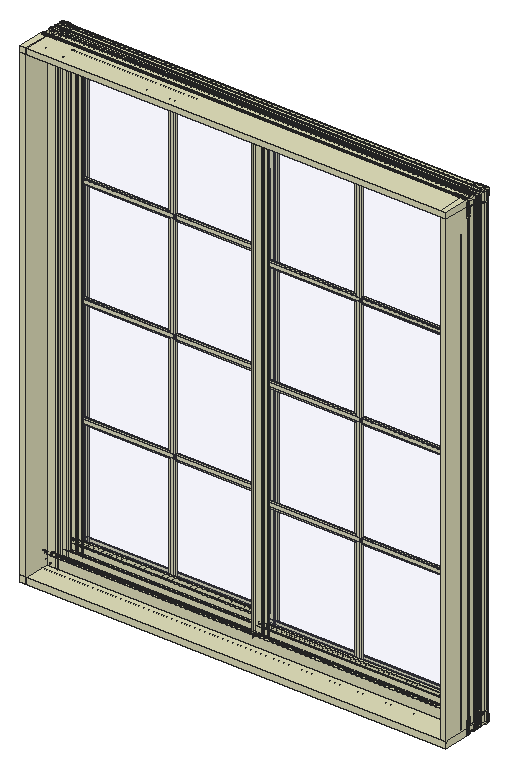
Revit family (continued)
Automatic sketch dimensions
  Sweep 19 sketch curve to Sweep 19 sketch curve = 0' - 0.00655"
  Sweep 19 sketch curve to Sweep 19 sketch curve = 0' - 0.02042"
  Sweep 19 sketch curve to Sweep 19 sketch curve = 0' - 0.04589"
  Sweep 19 sketch curve to Sweep 19 sketch curve = 0' - 0.04786"
  Sweep 19 sketch curve to Sweep 19 sketch curve = 0' - 0.02764"
  Sweep 19 sketch curve to Sweep 19 sketch curve = 0' - 0.10992"
  Sweep 19 sketch curve to Sweep 19 sketch curve = 0' - 0.03"  (x3)
  Sweep 19 sketch curve to Sweep 19 sketch curve = 0' - 0.04601"
  Sweep 19 sketch curve to Sweep 19 sketch curve = 0' - 0.03005"
  Sweep 19 sketch curve to Sweep 19 sketch curve = 0' - 0.07"
  Sweep 19 sketch curve to Sweep 19 sketch curve = 0' - 0.061"
  plane 10 "Set Back" to Sweep 19 sketch curve = 0' - 1.37997"
  Sweep 19 sketch curve to Sweep 19 sketch curve = 0' - 0.00274"
  Sweep 19 sketch curve to Sweep 19 sketch curve = 0' - 0.01145"
  Sweep 19 sketch curve to Sweep 19 sketch curve = 0' - 0.01213"
  Sweep 19 sketch curve to Sweep 19 sketch curve = 0' - 0.147"
  Sweep 19 sketch curve to Sweep 19 sketch curve = 0' - 0.055"
  Sweep 19 sketch curve to Sweep 19 sketch curve = 0' - 0.01073"
  Sweep 19 sketch curve to Sweep 19 sketch curve = 0' - 0.00499"
  Sweep 19 sketch curve to Sweep 19 sketch curve = 0' - 0.03237"
  Sweep 19 sketch curve to Sweep 19 sketch curve = 0' - 0.00572"
  Sweep 19 sketch curve to Sweep 19 sketch curve = 0' - 0.12531"
  Sweep 19 sketch curve to Sweep 19 sketch curve = 0' - 0.01865"
  Sweep 19 sketch curve to Sweep 19 sketch curve = 0' - 0.47861"
  Sweep 19 sketch curve to Sweep 19 sketch curve = 0' - 0.01114"
  Sweep 19 sketch curve to Sweep 19 sketch curve = 0' - 0.0415"
  Sweep 19 sketch curve to Sweep 19 sketch curve = 0' - 0.00954"
  Sweep 19 sketch curve to Sweep 19 sketch curve = 0' - 0.07507"
  Sweep 19 sketch curve to Sweep 19 sketch curve = 0' - 0.0167"
  Sweep 19 sketch curve to Sweep 19 sketch curve = 0' - 0.1"
  Sweep 19 sketch curve to Sweep 19 sketch curve = 0' - 0.12508"
  Sweep 19 sketch curve to Sweep 19 sketch curve = 0' - 0.08795"
  Sweep 19 sketch curve to Sweep 19 sketch curve = 0' - 0 1/64"
  Sweep 19 sketch curve to Sweep 19 sketch curve = 0' - 0.01601"
  Sweep 19 sketch curve to Sweep 19 sketch curve = 0' - 0.0774"
  Sweep 19 sketch curve to Sweep 19 sketch curve = 0' - 0.03118"
  Sweep 20 sketch curve to plane 44 = 0' - 0"
  Sweep 20 sketch curve to plane 43 = 0' - 0"
  plane 10 "Set Back" to Sweep 20 sketch curve = 0' - 0.16586"
  Sweep 20 sketch curve to Sweep 20 sketch curve = 0' - 0.01431"
  Sweep 20 sketch curve to Sweep 20 sketch curve = 0' - 0.02326"
  Sweep 20 sketch curve to Sweep 20 sketch curve = 0' - 0.01042"
  Sweep 20 sketch curve to Sweep 20 sketch curve = 0' - 0.04995"
  Sweep 20 sketch curve to Sweep 20 sketch curve = 0' - 0.00418"
  Sweep 20 sketch curve to Sweep 20 sketch curve = 0' - 0.00002"
  Sweep 20 sketch curve to Sweep 20 sketch curve = 0' - 0.00527"
  Sweep 20 sketch curve to Sweep 20 sketch curve = 0' - 0.00829"
  Sweep 20 sketch curve to Sweep 20 sketch curve = 0' - 0.01989"
  Sweep 20 sketch curve to Sweep 20 sketch curve = 0' - 0.02006"
  Sweep 20 sketch curve to Sweep 20 sketch curve = 0' - 0.06055"
  Sweep 20 sketch curve to Sweep 20 sketch curve = 0' - 0.00492"
  Sweep 20 sketch curve to Sweep 20 sketch curve = 0' - 0.02285"
  Sweep 20 sketch curve to Sweep 20 sketch curve = 0' - 0.02443"
  profile plane to Sweep 20 sketch curve = 0' - 1.82169"
  Sweep 20 sketch curve to Sweep 20 sketch curve = 0' - 0.00455"
  Sweep 20 sketch curve to Sweep 20 sketch curve = 0' - 0.00601"
  Sweep 20 sketch curve to Sweep 20 sketch curve = 0' - 0.48261"
  Sweep 20 sketch curve to Sweep 20 sketch curve = 0' - 0.0188"
  Sweep 20 sketch curve to Sweep 20 sketch curve = 0' - 0.0291"
  Sweep 20 sketch curve to Sweep 20 sketch curve = 0' - 0"
  Sweep 20 sketch curve to Sweep 20 sketch curve = 0' - 0.11194"
  Sweep 20 sketch curve to Sweep 20 sketch curve = 0' - 0.00625"
  Sweep 21 sketch curve to Sweep 21 sketch curve = 0' - 0"  (x6)
  Sweep 21 sketch curve to plane 56 "Glazing Exterior - Exterior2" = 0' - 0.74582"
  profile plane to Sweep 21 sketch curve = 0' - 1.78271"
  Sweep 21 sketch curve to Sweep 21 sketch curve = 0' - 0.01654"
  Sweep 21 sketch curve to Sweep 21 sketch curve = 0' - 0.03901"
  Sweep 21 sketch curve to Sweep 21 sketch curve = 0' - 0.01099"
  Sweep 21 sketch curve to Sweep 21 sketch curve = 0' - 0.02"
  Sweep 21 sketch curve to Sweep 21 sketch curve = 0' - 0.01"  (x2)
  Sweep 21 sketch curve to Sweep 21 sketch curve = 0' - 0.01189"
  Sweep 21 sketch curve to Sweep 21 sketch curve = 0' - 0.39697"
  Sweep 21 sketch curve to Sweep 21 sketch curve = 0' - 0.02914"
  Sweep 21 sketch curve to Sweep 21 sketch curve = 0' - 0.05214"
  Sweep 21 sketch curve to plane 56 "Glazing Exterior - Exterior2" = 0' - 0.19497"
  Sweep 21 sketch curve to Sweep 21 sketch curve = 0' - 0.045"  (x4)
  plane 56 "Glazing Exterior - Exterior2" to Sweep 21 sketch curve = 0' - 0.02802"
  Sweep 21 sketch curve to Sweep 21 sketch curve = 0' - 0.0542"
  Sweep 21 sketch curve to plane 56 "Glazing Exterior - Exterior2" = 0' - 0.12523"
  Sweep 21 sketch curve to Sweep 21 sketch curve = 0' - 0.0639"
  Sweep 21 sketch curve to Sweep 21 sketch curve = 0' - 0.00938"
  Sweep 21 sketch curve to Sweep 21 sketch curve = 0' - 0.03372"
  Sweep 21 sketch curve to Sweep 21 sketch curve = 0' - 0.01167"
  plane 56 "Glazing Exterior - Exterior2" to Sweep 21 sketch curve = 0' - 0.00097"
  Sweep 21 sketch curve to Sweep 21 sketch curve = 0' - 0.00838"
  Sweep 21 sketch curve to plane 56 "Glazing Exterior - Exterior2" = 0' - 0.17632"
  Sweep 21 sketch curve to Sweep 21 sketch curve = 0' - 0.04108"
  Sweep 21 sketch curve to Sweep 21 sketch curve = 0' - 0.13703"
  Sweep 21 sketch curve to Sweep 21 sketch curve = 0' - 0.00592"
  Sweep 21 sketch curve to plane 56 "Glazing Exterior - Exterior2" = 0' - 0.1638"
  Sweep 21 sketch curve to Sweep 21 sketch curve = 0' - 0.00324"
  Sweep 21 sketch curve to plane 56 "Glazing Exterior - Exterior2" = 0' - 0.108"
  Sweep 21 sketch curve to plane 56 "Glazing Exterior - Exterior2" = 0' - 0.02184"
  Sweep 21 sketch curve to Sweep 21 sketch curve = 0' - 0.01591"
  Sweep 21 sketch curve to Sweep 21 sketch curve = 0' - 0.0615"
  Sweep 21 sketch curve to plane 56 "Glazing Exterior - Exterior2" = 0' - 0.0592"
  plane 56 "Glazing Exterior - Exterior2" to Sweep 21 sketch curve = 0' - 0.01818"
  profile plane to Sweep 21 sketch curve = 0' - 0.26375"
  Sweep 21 sketch curve to Sweep 21 sketch curve = 0' - 0.00004"
  profile plane to Sweep 21 sketch curve = 0' - 0.26371"
  Sweep 21 sketch curve to plane 56 "Glazing Exterior - Exterior2" = 0' - 0.02682"
  Sweep 21 sketch curve to plane 56 "Glazing Exterior - Exterior2" = 0' - 0.02672"
  Sweep 21 sketch curve to Sweep 21 sketch curve = 0' - 0.01092"
  Sweep 21 sketch curve to Sweep 21 sketch curve = 0' - 0.03092"  (x2)
  Sweep 21 sketch curve to Sweep 21 sketch curve = 0' - 0.01664"
  Sweep 21 sketch curve to Sweep 21 sketch curve = 0' - 0.035"
  Sweep 21 sketch curve to Sweep 21 sketch curve = 0' - 0.06208"
  Sweep 22 sketch curve to Sweep 22 sketch curve = 0' - 0"  (x7)
  Sweep 22 sketch curve to profile plane = 0' - 0.13271"
  Sweep 22 sketch curve to Sweep 22 sketch curve = 0' - 0.02"  (x2)
  Sweep 22 sketch curve to Sweep 22 sketch curve = 0' - 0.03092"  (x2)
  Sweep 22 sketch curve to plane 56 "Glazing Exterior - Exterior2" = 0' - 0.02682"  (x2)
  Sweep 22 sketch curve to Sweep 22 sketch curve = 0' - 0.05508"
  plane 56 "Glazing Exterior - Exterior2" to Sweep 22 sketch curve = 0' - 0.01818"
  Sweep 22 sketch curve to Sweep 22 sketch curve = 0' - 0.045"  (x3)
  Sweep 22 sketch curve to Sweep 22 sketch curve = 0' - 0.00004"
  Sweep 22 sketch curve to Sweep 22 sketch curve = 0' - 0.561"
  Sweep 22 sketch curve to Sweep 22 sketch curve = 0' - 0.02759"
  Sweep 22 sketch curve to plane 56 "Glazing Exterior - Exterior2" = 0' - 0.108"
  Sweep 22 sketch curve to Sweep 22 sketch curve = 0' - 0.0615"
  Sweep 22 sketch curve to plane 56 "Glazing Exterior - Exterior2" = 0' - 0.02184"
  Sweep 22 sketch curve to plane 56 "Glazing Exterior - Exterior2" = 0' - 0.1638"
  Sweep 22 sketch curve to Sweep 22 sketch curve = 0' - 0.00676"
  Sweep 22 sketch curve to Sweep 22 sketch curve = 0' - 0.01"  (x2)
  Sweep 22 sketch curve to Sweep 22 sketch curve = 0' - 0.00592"
  Sweep 22 sketch curve to Sweep 22 sketch curve = 0' - 0.13915"  (x2)
  Sweep 22 sketch curve to Sweep 22 sketch curve = 0' - 0 1/256"
  plane 56 "Glazing Exterior - Exterior2" to Sweep 22 sketch curve = 0' - 0.00097"
  Sweep 22 sketch curve to Sweep 22 sketch curve = 0' - 0.13703"
  Sweep 22 sketch curve to Sweep 22 sketch curve = 0' - 0.00838"
  Sweep 22 sketch curve to Sweep 22 sketch curve = 0' - 0.01167"
  Sweep 22 sketch curve to Sweep 22 sketch curve = 0' - 0.03562"
  Sweep 22 sketch curve to plane 56 "Glazing Exterior - Exterior2" = 0' - 0.12523"
  Sweep 22 sketch curve to Sweep 22 sketch curve = 0' - 0.04718"
  plane 56 "Glazing Exterior - Exterior2" to Sweep 22 sketch curve = 0' - 0.02802"
  Sweep 22 sketch curve to Sweep 22 sketch curve = 0' - 0.03372"
  Sweep 22 sketch curve to Sweep 22 sketch curve = 0' - 0.07938"
  Sweep 22 sketch curve to Sweep 22 sketch curve = 0' - 0.10138"
  Sweep 22 sketch curve to Sweep 22 sketch curve = 0' - 0.05214"
  Sweep 22 sketch curve to Sweep 22 sketch curve = 0' - 0.39697"
  Sweep 22 sketch curve to Sweep 22 sketch curve = 0' - 0.01189"
  Sweep 22 sketch curve to Sweep 22 sketch curve = 0' - 0.01099"
  Sweep 22 sketch curve to Sweep 22 sketch curve = 0' - 0.03346"
  Sweep 22 sketch curve to Sweep 22 sketch curve = 0' - 0.01654"
  Sweep 22 sketch curve to Sweep 22 sketch curve = 0' - 0.02618"
  Sweep 22 sketch curve to Sweep 22 sketch curve = 0' - 0.47868"
  Sweep 22 sketch curve to Sweep 22 sketch curve = 0' - 0.011"
  Sweep 22 sketch curve to Sweep 22 sketch curve = 0' - 0.093"
  Sweep 22 sketch curve to Sweep 22 sketch curve = 0' - 0.075"
  Sweep 23 sketch curve to plane 56 "Glazing Exterior - Exterior2" = 0' - 0.06022"
  Sweep 23 sketch curve to profile plane = 0' - 0.96796"
  Sweep 23 sketch curve to Sweep 23 sketch curve = 0' - 0.01066"
  Sweep 23 sketch curve to Sweep 23 sketch curve = 0' - 0.00625"
  Sweep 23 sketch curve to plane 56 "Glazing Exterior - Exterior2" = 0' - 0.0553"
  Sweep 23 sketch curve to Sweep 23 sketch curve = 0' - 0.11819"
  plane 56 "Glazing Exterior - Exterior2" to Sweep 23 sketch curve = 0' - 0.00525"
  Sweep 23 sketch curve to Sweep 23 sketch curve = 0' - 0.01156"
  plane 56 "Glazing Exterior - Exterior2" to Sweep 23 sketch curve = 0' - 0.01354"
  Sweep 23 sketch curve to Sweep 23 sketch curve = 0' - 0.02838"
  Sweep 23 sketch curve to Sweep 23 sketch curve = 0' - 0"
  plane 56 "Glazing Exterior - Exterior2" to Sweep 23 sketch curve = 0' - 0.00827"
  plane 56 "Glazing Exterior - Exterior2" to Sweep 23 sketch curve = 0' - 0.01775"
  Sweep 23 sketch curve to Sweep 23 sketch curve = 0' - 0.0504"
  Sweep 23 sketch curve to Sweep 23 sketch curve = 0' - 0.0188"
  Sweep 23 sketch curve to Sweep 23 sketch curve = 0' - 0.48261"
  Sweep 23 sketch curve to Sweep 23 sketch curve = 0' - 0.02808"
  Sweep 23 sketch curve to Sweep 23 sketch curve = 0' - 0.00616"
  Sweep 23 sketch curve to Sweep 23 sketch curve = 0' - 0.00601"
  Sweep 23 sketch curve to plane 56 "Glazing Exterior - Exterior2" = 0' - 0.00018"
  Sweep 23 sketch curve to Sweep 23 sketch curve = 0' - 0.01672"
  plane 56 "Glazing Exterior - Exterior2" to Sweep 23 sketch curve = 0' - 0.01971"
  Sweep 23 sketch curve to Sweep 23 sketch curve = 0' - 0.02285"
  Sweep 23 sketch curve to plane 56 "Glazing Exterior - Exterior2" = 0' - 0.00231"
  Sweep 24 sketch curve to plane 58 = 0' - 0"
  Sweep 24 sketch curve to plane 11 "Left Sash" = 0' - 0"
  plane 56 "Glazing Exterior - Exterior2" to Sweep 24 sketch curve = 0' - 0.01971"
  profile plane to Sweep 24 sketch curve = 0' - 1.78234"
  Sweep 24 sketch curve to plane 56 "Glazing Exterior - Exterior2" = 0' - 0.00018"
  Sweep 24 sketch curve to Sweep 24 sketch curve = 0' - 0.00455"
  Sweep 24 sketch curve to Sweep 24 sketch curve = 0' - 0.00601"
  Sweep 24 sketch curve to Sweep 24 sketch curve = 0' - 0.01672"
  plane 56 "Glazing Exterior - Exterior2" to Sweep 24 sketch curve = 0' - 0.01775"
  Sweep 24 sketch curve to Sweep 24 sketch curve = 0' - 0.02808"
  plane 56 "Glazing Exterior - Exterior2" to Sweep 24 sketch curve = 0' - 0.0677"
  Sweep 24 sketch curve to Sweep 24 sketch curve = 0' - 0.48261"
  Sweep 24 sketch curve to Sweep 24 sketch curve = 0' - 0.0188"
  plane 56 "Glazing Exterior - Exterior2" to Sweep 24 sketch curve = 0' - 0.00827"
  Sweep 24 sketch curve to Sweep 24 sketch curve = 0' - 0.0504"
  plane 56 "Glazing Exterior - Exterior2" to Sweep 24 sketch curve = 0' - 0.01356"
  Sweep 24 sketch curve to Sweep 24 sketch curve = 0' - 0.0291"
  Sweep 24 sketch curve to Sweep 24 sketch curve = 0' - 0"
  plane 56 "Glazing Exterior - Exterior2" to Sweep 24 sketch curve = 0' - 0.00525"
  Sweep 24 sketch curve to Sweep 24 sketch curve = 0' - 0.02838"
  Sweep 24 sketch curve to plane 56 "Glazing Exterior - Exterior2" = 0' - 0.0553"
  Sweep 24 sketch curve to Sweep 24 sketch curve = 0' - 0.11194"
  Sweep 24 sketch curve to Sweep 24 sketch curve = 0' - 0.00625"
  Sweep 24 sketch curve to plane 56 "Glazing Exterior - Exterior2" = 0' - 0.06022"
  Sweep 24 sketch curve to Sweep 24 sketch curve = 0' - 0.01066"
  Sweep 24 sketch curve to Sweep 24 sketch curve = 0' - 0.02285"
  Sweep 25 sketch curve to plane 43 = 0' - 0"
  Sweep 25 sketch curve to plane 44 = 0' - 0"
  plane 20 "Glazing Exterior - Exterior" to Sweep 25 sketch curve = 0' - 1.86258"  (x2)
  profile plane to Sweep 25 sketch curve = 0' - 0 3/8"
  Sweep 25 sketch curve to Sweep 25 sketch curve = 0' - 0.15945"  (x3)
  plane 20 "Glazing Exterior - Exterior" to Sweep 25 sketch curve = 0' - 1.8794"  (x2)
  Sweep 25 sketch curve to Sweep 25 sketch curve = 0' - 0.0187"  (x4)
  Sweep 25 sketch curve to profile plane = 0' - 0.19685"  (x2)
  Sweep 25 sketch curve to Sweep 25 sketch curve = 0' - 0.1378"  (x2)
  Sweep 25 sketch curve to Sweep 25 sketch curve = 0' - 0.01682"  (x2)
  Sweep 25 sketch curve to Sweep 25 sketch curve = 0' - 0.03239"  (x2)
  Sweep 26 sketch curve to plane 44 = 0' - 0"
  Sweep 26 sketch curve to plane 43 = 0' - 0"
  plane 56 "Glazing Exterior - Exterior2" to Sweep 26 sketch curve = 0' - 1.01085"  (x2)
  profile plane to Sweep 26 sketch curve = 0' - 0 3/8"
  Sweep 26 sketch curve to Sweep 26 sketch curve = 0' - 0.15945"  (x3)
  plane 56 "Glazing Exterior - Exterior2" to Sweep 26 sketch curve = 0' - 0.99403"  (x2)
  Sweep 26 sketch curve to Sweep 26 sketch curve = 0' - 0.0187"  (x4)
  Sweep 26 sketch curve to profile plane = 0' - 0.19685"  (x2)
  Sweep 26 sketch curve to Sweep 26 sketch curve = 0' - 0.1378"  (x2)
  Sweep 26 sketch curve to Sweep 26 sketch curve = 0' - 0.01682"  (x2)
  Sweep 26 sketch curve to Sweep 26 sketch curve = 0' - 0.03239"  (x2)
  Sweep 27 sketch curve to plane 43 = 0' - 0"
  Sweep 27 sketch curve to plane 44 = 0' - 0"
  plane 20 "Glazing Exterior - Exterior" to Sweep 27 sketch curve = 0' - 1.8794"  (x4)
  Sweep 27 sketch curve to plane 63 = 0' - 0.15945"  (x2)
  Sweep 27 sketch curve to Sweep 27 sketch curve = 0' - 0.0187"  (x8)
  plane 64 to Sweep 27 sketch curve = 0' - 0.17815"  (x2)
  Sweep 27 sketch curve to plane 65 = 0' - 0.15945"  (x2)
  plane 66 to Sweep 27 sketch curve = 0' - 0.17815"  (x2)
  plane 20 "Glazing Exterior - Exterior" to Sweep 27 sketch curve = 0' - 1.86258"  (x4)
  Sweep 27 sketch curve to Sweep 27 sketch curve = 0' - 0.1378"  (x4)
  Sweep 27 sketch curve to Sweep 27 sketch curve = 0' - 0.01682"  (x4)
  Sweep 27 sketch curve to Sweep 27 sketch curve = 0' - 0.03239"  (x4)
  Sweep 28 sketch curve to plane 44 = 0' - 0"
  Sweep 28 sketch curve to plane 43 = 0' - 0"
  Sweep 28 sketch curve to plane 67 = 0' - 0.15945"  (x2)
  Sweep 28 sketch curve to Sweep 28 sketch curve = 0' - 0.03239"  (x6)
  plane 68 to Sweep 28 sketch curve = 0' - 0.15945"  (x2)
  plane 70 to Sweep 28 sketch curve = 0' - 0.15945"  (x2)
  Sweep 28 sketch curve to plane 69 = 0' - 0.15945"  (x2)
  Sweep 28 sketch curve to Sweep 28 sketch curve = 0' - 0.01682"  (x8)
  Sweep 28 sketch curve to Sweep 28 sketch curve = 0' - 0.1378"  (x4)
  Sweep 28 sketch curve to Sweep 28 sketch curve = 0' - 0.0187"  (x8)
  Sweep 29 sketch curve to plane 48 = 0' - 0"
  Sweep 29 sketch curve to plane 46 = 0' - 0"
  plane 20 "Glazing Exterior - Exterior" to Sweep 29 sketch curve = 0' - 1.86258"  (x2)
  profile plane to Sweep 29 sketch curve = 0' - 0 3/8"
  plane 20 "Glazing Exterior - Exterior" to Sweep 29 sketch curve = 0' - 1.8794"  (x2)
  Sweep 29 sketch curve to Sweep 29 sketch curve = 0' - 0.15945"  (x3)
  Sweep 29 sketch curve to Sweep 29 sketch curve = 0' - 0.0187"  (x4)
  Sweep 29 sketch curve to profile plane = 0' - 0.19685"  (x2)
  plane 20 "Glazing Exterior - Exterior" to Sweep 29 sketch curve = 0' - 1.72479"
  Sweep 29 sketch curve to Sweep 29 sketch curve = 0' - 0.01682"
  Sweep 29 sketch curve to Sweep 29 sketch curve = 0' - 0.17144"
  Sweep 29 sketch curve to Sweep 29 sketch curve = 0' - 0.03239"  (x2)
  Sweep 29 sketch curve to Sweep 29 sketch curve = 0' - 0.1378"
  Sweep 30 sketch curve to plane 47 = 0' - 0"
  Sweep 30 sketch curve to plane 45 = 0' - 0"
  plane 56 "Glazing Exterior - Exterior2" to Sweep 30 sketch curve = 0' - 1.01085"  (x2)
  profile plane to Sweep 30 sketch curve = 0' - 0 3/8"
  plane 56 "Glazing Exterior - Exterior2" to Sweep 30 sketch curve = 0' - 0.99403"  (x2)
  Sweep 30 sketch curve to Sweep 30 sketch curve = 0' - 0.15945"  (x3)
  Sweep 30 sketch curve to Sweep 30 sketch curve = 0' - 0.0187"  (x4)
  Sweep 30 sketch curve to profile plane = 0' - 0.19685"  (x2)
  plane 56 "Glazing Exterior - Exterior2" to Sweep 30 sketch curve = 0' - 1.14864"
  Sweep 30 sketch curve to Sweep 30 sketch curve = 0' - 0.1378"
  Sweep 30 sketch curve to Sweep 30 sketch curve = 0' - 0.01682"  (x2)
  Sweep 30 sketch curve to Sweep 30 sketch curve = 0' - 0.03239"  (x2)
  Sweep 31 sketch curve to plane 48 = 0' - 0"
  Sweep 31 sketch curve to plane 46 = 0' - 0"
  Sweep 31 sketch curve to plane 74 = 0' - 0.15945"  (x2)
  plane 20 "Glazing Exterior - Exterior" to Sweep 31 sketch curve = 0' - 1.8794"  (x4)
  Sweep 31 sketch curve to Sweep 31 sketch curve = 0' - 0.0187"  (x8)
  plane 73 to Sweep 31 sketch curve = 0' - 0.17815"  (x2)
  Sweep 31 sketch curve to plane 75 = 0' - 0.15945"  (x2)
  plane 76 to Sweep 31 sketch curve = 0' - 0.17815"  (x2)
  plane 20 "Glazing Exterior - Exterior" to Sweep 31 sketch curve = 0' - 1.86258"  (x4)
  Sweep 31 sketch curve to Sweep 31 sketch curve = 0' - 0.1378"  (x4)
  Sweep 31 sketch curve to Sweep 31 sketch curve = 0' - 0.01682"  (x4)
  Sweep 31 sketch curve to Sweep 31 sketch curve = 0' - 0.03239"  (x4)
  Sweep 32 sketch curve to plane 47 = 0' - 0"
  Sweep 32 sketch curve to plane 45 = 0' - 0"
  Sweep 32 sketch curve to plane 80 = 0' - 0.15945"  (x2)
  plane 56 "Glazing Exterior - Exterior2" to Sweep 32 sketch curve = 0' - 0.99403"  (x4)
  Sweep 32 sketch curve to Sweep 32 sketch curve = 0' - 0.0187"  (x8)
  plane 79 to Sweep 32 sketch curve = 0' - 0.17815"  (x2)
  Sweep 32 sketch curve to plane 78 = 0' - 0.15945"  (x2)
  plane 77 to Sweep 32 sketch curve = 0' - 0.17815"  (x2)
  plane 56 "Glazing Exterior - Exterior2" to Sweep 32 sketch curve = 0' - 1.01085"  (x4)
  Sweep 32 sketch curve to Sweep 32 sketch curve = 0' - 0.1378"  (x4)
  Sweep 32 sketch curve to Sweep 32 sketch curve = 0' - 0.01682"  (x4)
  Sweep 32 sketch curve to Sweep 32 sketch curve = 0' - 0.03239"  (x4)
  Sweep 33 sketch curve to plane 48 = 0' - 0"
  Sweep 33 sketch curve to plane 46 = 0' - 0"
  plane 20 "Glazing Exterior - Exterior" to Sweep 33 sketch curve = 0' - 1.8794"  (x6)
  plane 89 to Sweep 33 sketch curve = 0' - 0.15945"  (x2)
  Sweep 33 sketch curve to Sweep 33 sketch curve = 0' - 0.0187"  (x12)
  Sweep 33 sketch curve to plane 88 = 0' - 0.17815"  (x2)
  plane 87 to Sweep 33 sketch curve = 0' - 0.15945"  (x2)
  Sweep 33 sketch curve to plane 86 = 0' - 0.17815"  (x2)
  plane 84 to Sweep 33 sketch curve = 0' - 0.15945"  (x2)
  Sweep 33 sketch curve to plane 85 = 0' - 0.17815"  (x2)
  plane 20 "Glazing Exterior - Exterior" to Sweep 33 sketch curve = 0' - 1.86258"  (x6)
  Sweep 33 sketch curve to Sweep 33 sketch curve = 0' - 0.1378"  (x6)
  Sweep 33 sketch curve to Sweep 33 sketch curve = 0' - 0.01682"  (x6)
  Sweep 33 sketch curve to Sweep 33 sketch curve = 0' - 0.03239"  (x6)
  Sweep 34 sketch curve to plane 47 = 0' - 0"
  Sweep 34 sketch curve to plane 45 = 0' - 0"
  plane 56 "Glazing Exterior - Exterior2" to Sweep 34 sketch curve = 0' - 0.99403"  (x6)
  Sweep 34 sketch curve to plane 91 = 0' - 0.15945"  (x2)
  Sweep 34 sketch curve to Sweep 34 sketch curve = 0' - 0.0187"  (x12)
  plane 90 to Sweep 34 sketch curve = 0' - 0.17815"  (x2)
  Sweep 34 sketch curve to plane 93 = 0' - 0.15945"  (x2)
  plane 92 to Sweep 34 sketch curve = 0' - 0.17815"  (x2)
  Sweep 34 sketch curve to plane 95 = 0' - 0.15945"  (x2)
  plane 94 to Sweep 34 sketch curve = 0' - 0.17815"  (x2)
  plane 56 "Glazing Exterior - Exterior2" to Sweep 34 sketch curve = 0' - 1.01085"  (x6)
  Sweep 34 sketch curve to Sweep 34 sketch curve = 0' - 0.1378"  (x6)
  Sweep 34 sketch curve to Sweep 34 sketch curve = 0' - 0.01682"  (x6)
  Sweep 34 sketch curve to Sweep 34 sketch curve = 0' - 0.03239"  (x6)
  Sweep 35 sketch curve to plane 48 = 0' - 0"
  Sweep 35 sketch curve to plane 46 = 0' - 0"
  plane 106 to Sweep 35 sketch curve = 0' - 0.15945"  (x2)
  plane 20 "Glazing Exterior - Exterior" to Sweep 35 sketch curve = 0' - 1.8794"  (x8)
  Sweep 35 sketch curve to Sweep 35 sketch curve = 0' - 0.0187"  (x16)
  Sweep 35 sketch curve to plane 107 = 0' - 0.17815"  (x2)
  plane 104 to Sweep 35 sketch curve = 0' - 0.15945"  (x2)
  Sweep 35 sketch curve to plane 105 = 0' - 0.17815"  (x2)
  plane 102 to Sweep 35 sketch curve = 0' - 0.15945"  (x2)
  Sweep 35 sketch curve to plane 103 = 0' - 0.17815"  (x2)
  plane 100 to Sweep 35 sketch curve = 0' - 0.15945"  (x2)
  Sweep 35 sketch curve to plane 101 = 0' - 0.17815"  (x2)
  plane 20 "Glazing Exterior - Exterior" to Sweep 35 sketch curve = 0' - 1.86258"  (x8)
  Sweep 35 sketch curve to Sweep 35 sketch curve = 0' - 0.1378"  (x8)
  Sweep 35 sketch curve to Sweep 35 sketch curve = 0' - 0.01682"  (x8)
  Sweep 35 sketch curve to Sweep 35 sketch curve = 0' - 0.03239"  (x8)
  Sweep 36 sketch curve to plane 47 = 0' - 0"
  Sweep 36 sketch curve to plane 45 = 0' - 0"
  plane 56 "Glazing Exterior - Exterior2" to Sweep 36 sketch curve = 0' - 0.99403"  (x8)
  Sweep 36 sketch curve to plane 109 = 0' - 0.15945"  (x2)
  Sweep 36 sketch curve to Sweep 36 sketch curve = 0' - 0.0187"  (x16)
  plane 108 to Sweep 36 sketch curve = 0' - 0.17815"  (x2)
  Sweep 36 sketch curve to plane 111 = 0' - 0.15945"  (x2)
  plane 110 to Sweep 36 sketch curve = 0' - 0.17815"  (x2)
  Sweep 36 sketch curve to plane 113 = 0' - 0.15945"  (x2)
  plane 112 to Sweep 36 sketch curve = 0' - 0.17815"  (x2)
  Sweep 36 sketch curve to plane 115 = 0' - 0.15945"  (x2)
  plane 114 to Sweep 36 sketch curve = 0' - 0.17815"  (x2)
  plane 56 "Glazing Exterior - Exterior2" to Sweep 36 sketch curve = 0' - 1.01085"  (x8)
  Sweep 36 sketch curve to Sweep 36 sketch curve = 0' - 0.1378"  (x8)
  Sweep 36 sketch curve to Sweep 36 sketch curve = 0' - 0.01682"  (x8)
  Sweep 36 sketch curve to Sweep 36 sketch curve = 0' - 0.03239"  (x8)
  Sweep 37 sketch curve to plane 43 = 0' - 0"
  Sweep 37 sketch curve to plane 44 = 0' - 0"
  plane 20 "Glazing Exterior - Exterior" to Sweep 37 sketch curve = 0' - 1.91179"
  plane 117 to Sweep 37 sketch curve = 0' - 0.15945"  (x2)
  plane 20 "Glazing Exterior - Exterior" to Sweep 37 sketch curve = 0' - 1.8794"  (x2)
  Sweep 37 sketch curve to Sweep 37 sketch curve = 0' - 0.0187"  (x4)
  Sweep 37 sketch curve to plane 118 = 0' - 0.17815"  (x2)
  plane 20 "Glazing Exterior - Exterior" to Sweep 37 sketch curve = 0' - 1.86258"  (x2)
  Sweep 37 sketch curve to Sweep 37 sketch curve = 0' - 0.1378"  (x2)
  Sweep 37 sketch curve to Sweep 37 sketch curve = 0' - 0.01682"  (x2)
  Sweep 37 sketch curve to Sweep 37 sketch curve = 0' - 0.03239"
  Sweep 38 sketch curve to plane 44 = 0' - 0"
  Sweep 38 sketch curve to plane 43 = 0' - 0"
  plane 56 "Glazing Exterior - Exterior2" to Sweep 38 sketch curve = 0' - 0.96164"
  plane 56 "Glazing Exterior - Exterior2" to Sweep 38 sketch curve = 0' - 0.99403"  (x2)
  plane 56 "Glazing Exterior - Exterior2" to Sweep 38 sketch curve = 0' - 1.01085"  (x2)
  Sweep 38 sketch curve to Sweep 38 sketch curve = 0' - 0.1378"  (x2)
  Sweep 38 sketch curve to Sweep 38 sketch curve = 0' - 0.01682"  (x2)
  Sweep 38 sketch curve to Sweep 38 sketch curve = 0' - 0.03239"
  Sweep 38 sketch curve to plane 121 = 0' - 0.15945"  (x2)
  Sweep 38 sketch curve to Sweep 38 sketch curve = 0' - 0.0187"  (x4)
  plane 120 to Sweep 38 sketch curve = 0' - 0.17815"  (x2)
  Sweep 39 sketch curve to plane 48 = 0' - 0"
  Sweep 39 sketch curve to plane 46 = 0' - 0"
  plane 20 "Glazing Exterior - Exterior" to Sweep 39 sketch curve = 0' - 1.91179"  (x2)
  Sweep 39 sketch curve to plane 126 = 0' - 0.15945"  (x2)
  plane 20 "Glazing Exterior - Exterior" to Sweep 39 sketch curve = 0' - 1.8794"  (x4)
  Sweep 39 sketch curve to Sweep 39 sketch curve = 0' - 0.0187"  (x8)
  plane 125 to Sweep 39 sketch curve = 0' - 0.17815"  (x2)
  plane 122 to Sweep 39 sketch curve = 0' - 0.15945"  (x2)
  Sweep 39 sketch curve to plane 123 = 0' - 0.17815"  (x2)
  plane 20 "Glazing Exterior - Exterior" to Sweep 39 sketch curve = 0' - 1.86258"  (x4)
  Sweep 39 sketch curve to Sweep 39 sketch curve = 0' - 0.1378"  (x4)
  Sweep 39 sketch curve to Sweep 39 sketch curve = 0' - 0.01682"  (x4)
  Sweep 39 sketch curve to Sweep 39 sketch curve = 0' - 0.03239"  (x2)
  Sweep 40 sketch curve to plane 47 = 0' - 0"
  Sweep 40 sketch curve to plane 45 = 0' - 0"
  plane 56 "Glazing Exterior - Exterior2" to Sweep 40 sketch curve = 0' - 0.96164"  (x2)
  plane 56 "Glazing Exterior - Exterior2" to Sweep 40 sketch curve = 0' - 0.99403"  (x4)
  Sweep 40 sketch curve to plane 129 = 0' - 0.15945"  (x2)
  Sweep 40 sketch curve to Sweep 40 sketch curve = 0' - 0.0187"  (x8)
  plane 128 to Sweep 40 sketch curve = 0' - 0.17815"  (x2)
  plane 131 to Sweep 40 sketch curve = 0' - 0.15945"  (x2)
  Sweep 40 sketch curve to plane 132 = 0' - 0.17815"  (x2)
  plane 56 "Glazing Exterior - Exterior2" to Sweep 40 sketch curve = 0' - 1.01085"  (x4)
  Sweep 40 sketch curve to Sweep 40 sketch curve = 0' - 0.1378"  (x4)
  Sweep 40 sketch curve to Sweep 40 sketch curve = 0' - 0.01682"  (x4)
  Sweep 40 sketch curve to Sweep 40 sketch curve = 0' - 0.03239"  (x2)
  plane 54 "Glazing Interior - Exterior2" to Sweep 28 sketch curve = 0' - 1.55746"  (x2)
